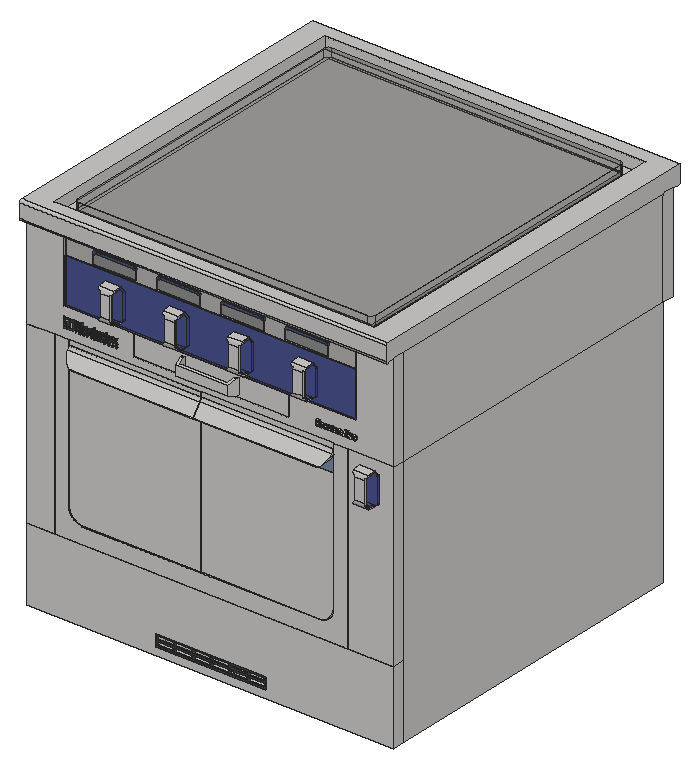
Revit family "QF_ELECTROLUXPROFESSIONAL_588471_MATHFAH4AO", category Attrezzature speciali, Revit 2020 (continued)
Definition of nested family "Front_Panel_W800_Four Knobs"
  Definition of nested family "ELX_Professional_Logo_Small"
    Forms (mm)
      Extrusion 2, solid, material <- "Material_Logo"
        sketch origin (15.5, 0, 0) x (1, 0, 0) y (0, 1, 0)
          loop
            spline (15.638, 1.633) -> (15.586, 2.396) -> (15.435, 3.124) -> (15.192, 3.81) -> (14.863, 4.449) -> (14.455, 5.034) -> (13.975, 5.56) -> (13.43, 6.021) -> (12.826, 6.411) -> (12.17, 6.724) -> (11.469, 6.955) -> (10.729, 7.098) -> (9.958, 7.147)
            spline (9.958, 7.147) -> (9.182, 7.098) -> (8.44, 6.955) -> (7.737, 6.724) -> (7.081, 6.411) -> (6.477, 6.021) -> (5.933, 5.56) -> (5.454, 5.034) -> (5.048, 4.449) -> (4.721, 3.81) -> (4.479, 3.124) -> (4.329, 2.396) -> (4.277, 1.633)
            spline (4.277, 1.633) -> (4.329, 0.869) -> (4.479, 0.141) -> (4.721, -0.544) -> (5.048, -1.183) -> (5.454, -1.768) -> (5.933, -2.294) -> (6.477, -2.755) -> (7.081, -3.145) -> (7.737, -3.459) -> (8.44, -3.69) -> (9.182, -3.833) -> (9.958, -3.882)
            spline (9.958, -3.882) -> (10.729, -3.833) -> (11.469, -3.69) -> (12.17, -3.459) -> (12.826, -3.145) -> (13.43, -2.755) -> (13.975, -2.294) -> (14.455, -1.768) -> (14.863, -1.183) -> (15.192, -0.544) -> (15.435, 0.141) -> (15.586, 0.869) -> (15.638, 1.633)
          loop
            spline (13.18, 1.633) -> (13.151, 2.083) -> (13.067, 2.513) -> (12.932, 2.918) -> (12.748, 3.296) -> (12.52, 3.642) -> (12.251, 3.954) -> (11.943, 4.227) -> (11.601, 4.459) -> (11.228, 4.645) -> (10.828, 4.782) -> (10.403, 4.867) -> (9.958, 4.896)
            spline (9.958, 4.896) -> (9.509, 4.867) -> (9.081, 4.782) -> (8.679, 4.645) -> (8.306, 4.459) -> (7.964, 4.227) -> (7.658, 3.954) -> (7.39, 3.642) -> (7.163, 3.296) -> (6.981, 2.918) -> (6.847, 2.513) -> (6.765, 2.083) -> (6.736, 1.633)
            spline (6.736, 1.633) -> (6.765, 1.182) -> (6.847, 0.753) -> (6.981, 0.347) -> (7.163, -0.031) -> (7.39, -0.377) -> (7.658, -0.689) -> (7.964, -0.962) -> (8.306, -1.193) -> (8.679, -1.38) -> (9.081, -1.517) -> (9.509, -1.602) -> (9.958, -1.631)
            spline (9.958, -1.631) -> (10.403, -1.602) -> (10.828, -1.517) -> (11.228, -1.38) -> (11.601, -1.193) -> (11.943, -0.962) -> (12.251, -0.689) -> (12.52, -0.377) -> (12.748, -0.031) -> (12.932, 0.347) -> (13.067, 0.753) -> (13.151, 1.182) -> (13.18, 1.633)
          loop
            line (17.162, 4.269) -> (17.162, -3.573) -> (19.642, -3.573) -> (19.642, 10.824) -> (17.162, 10.824) -> (17.162, 4.269)
          loop
            line (28.581, 6.838) -> (28.581, 0.786)
            spline (28.581, 0.786) -> (28.561, 0.393) -> (28.503, 0.038) -> (28.409, -0.279) -> (28.281, -0.559) -> (28.122, -0.802) -> (27.933, -1.011) -> (27.717, -1.185) -> (27.476, -1.325) -> (27.213, -1.433) -> (26.929, -1.509) -> (26.626, -1.554) -> (26.308, -1.569)
            spline (26.308, -1.569) -> (25.99, -1.554) -> (25.688, -1.509) -> (25.404, -1.434) -> (25.141, -1.326) -> (24.9, -1.187) -> (24.684, -1.014) -> (24.496, -0.807) -> (24.336, -0.565) -> (24.209, -0.288) -> (24.115, 0.026) -> (24.057, 0.376) -> (24.037, 0.765)
            line (24.037, 0.765) -> (24.037, 6.838) -> (21.537, 6.838) -> (21.537, 0.558)
            spline (21.537, 0.558) -> (21.581, -0.153) -> (21.71, -0.8) -> (21.916, -1.384) -> (22.195, -1.904) -> (22.54, -2.362) -> (22.944, -2.757) -> (23.403, -3.09) -> (23.909, -3.362) -> (24.456, -3.572) -> (25.04, -3.722) -> (25.652, -3.811) -> (26.288, -3.841)
            spline (26.288, -3.841) -> (26.929, -3.811) -> (27.547, -3.72) -> (28.135, -3.568) -> (28.687, -3.355) -> (29.197, -3.079) -> (29.66, -2.741) -> (30.068, -2.341) -> (30.415, -1.877) -> (30.696, -1.349) -> (30.905, -0.757) -> (31.034, -0.101) -> (31.079, 0.621)
            line (31.079, 0.621) -> (31.079, 6.838) -> (28.581, 6.838)
          loop
            line (40.457, -0.243) -> (38.894, 1.942) -> (40.83, 4.579) -> (42.488, 6.837) -> (39.782, 6.837) -> (37.53, 3.719) -> (35.258, 6.837) -> (32.573, 6.837) -> (34.113, 4.731) -> (36.167, 1.922) -> (34.014, -1.076) -> (32.222, -3.573) -> (34.887, -3.573) -> (37.53, 0.104) -> (40.174, -3.573) -> (42.839, -3.573) -> (40.457, -0.243)
          loop
            line (-46.121, -5.837) -> (-48.039, -5.837) -> (-48.039, -10.814) -> (-47.016, -10.814) -> (-47.016, -9.128) -> (-46.121, -9.128)
            arc (-46.121, -9.128) -> (-44.476, -7.482) -> (-46.121, -5.837) r 1.645
          loop
            line (-46.163, -6.778) -> (-47.016, -6.778) -> (-47.016, -8.187) -> (-46.163, -8.187)
            arc (-46.163, -8.187) -> (-45.458, -7.482) -> (-46.163, -6.778) r 0.704
          loop
            line (-38.313, -5.837) -> (-40.265, -5.837) -> (-40.265, -10.814) -> (-39.241, -10.814) -> (-39.241, -9.1) -> (-38.46, -9.182) -> (-37.48, -10.814) -> (-36.318, -10.814) -> (-37.513, -8.848)
            arc (-37.513, -8.848) -> (-36.888, -8.266) -> (-36.671, -7.441) r 1.536
            arc (-36.671, -7.441) -> (-37.165, -6.305) -> (-38.313, -5.837) r 1.643
          loop
            arc (-38.402, -8.166) -> (-37.707, -7.505) -> (-38.334, -6.778) r 0.696
            line (-38.334, -6.778) -> (-39.241, -6.778) -> (-39.241, -8.166) -> (-38.402, -8.166)
          loop
            circle (-29.965, -8.325) r 2.585
          loop
            circle (-29.965, -8.325) r 1.64
          loop
            line (-23.1, -5.837) -> (-23.1, -10.814) -> (-22.076, -10.814) -> (-22.076, -8.768) -> (-20.204, -8.768) -> (-20.204, -7.828) -> (-22.076, -7.828) -> (-22.076, -6.778) -> (-20.024, -6.778) -> (-20.024, -5.837) -> (-23.1, -5.837)
          loop
            line (-15.802, -5.837) -> (-15.802, -9.2)
            arc (-15.802, -9.2) -> (-15.343, -10.34) -> (-14.209, -10.814) r 1.593
            line (-14.209, -10.814) -> (-12.602, -10.814) -> (-12.602, -10.027) -> (-14.004, -10.027)
            arc (-14.004, -10.027) -> (-14.552, -9.8) -> (-14.779, -9.252) r 0.775
            line (-14.779, -9.252) -> (-14.779, -8.424) -> (-12.789, -8.424) -> (-12.789, -7.642) -> (-14.779, -7.642) -> (-14.779, -6.778) -> (-12.651, -6.778) -> (-12.651, -5.837) -> (-15.802, -5.837)
          loop
            line (-5.909, -7.143) -> (-5.173, -6.638)
            arc (-5.173, -6.638) -> (-5.855, -5.974) -> (-6.781, -5.755) r 1.782
            arc (-6.781, -5.755) -> (-7.397, -5.878) -> (-7.944, -6.189) r 1.974
            arc (-7.944, -6.189) -> (-8.202, -6.5) -> (-8.317, -6.888) r 1.013
            arc (-8.317, -6.888) -> (-8.306, -7.341) -> (-8.192, -7.78) r 1.985
            arc (-8.192, -7.78) -> (-7.749, -8.259) -> (-7.171, -8.563) r 1.928
            arc (-7.171, -8.563) -> (-6.637, -8.779) -> (-6.131, -9.056) r 5.041
            arc (-6.131, -9.056) -> (-5.934, -9.387) -> (-6.09, -9.74) r 0.42
            arc (-6.09, -9.74) -> (-6.631, -9.96) -> (-7.204, -9.845) r 1.016
            arc (-7.204, -9.845) -> (-7.625, -9.603) -> (-7.889, -9.196) r 1.033
            line (-7.889, -9.196) -> (-8.67, -9.686)
            arc (-8.67, -9.686) -> (-8.361, -10.198) -> (-7.908, -10.589) r 1.914
            arc (-7.908, -10.589) -> (-7.334, -10.834) -> (-6.714, -10.896) r 2.063
            arc (-6.714, -10.896) -> (-5.947, -10.743) -> (-5.256, -10.376) r 2.696
            arc (-5.256, -10.376) -> (-4.95, -9.565) -> (-5.108, -8.712) r 1.618
            arc (-5.108, -8.712) -> (-5.448, -8.319) -> (-5.884, -8.035) r 1.876
            arc (-5.884, -8.035) -> (-6.434, -7.789) -> (-6.999, -7.577) r 9.883
            arc (-6.999, -7.577) -> (-7.325, -7.07) -> (-6.854, -6.694) r 0.45
            arc (-6.854, -6.694) -> (-6.329, -6.809) -> (-5.909, -7.143) r 1.197
          loop
            line (1.61, -7.143) -> (2.345, -6.638)
            arc (2.345, -6.638) -> (1.663, -5.974) -> (0.737, -5.755) r 1.782
            arc (0.737, -5.755) -> (0.121, -5.878) -> (-0.425, -6.189) r 1.974
            arc (-0.425, -6.189) -> (-0.683, -6.5) -> (-0.799, -6.888) r 1.013
            arc (-0.799, -6.888) -> (-0.788, -7.341) -> (-0.674, -7.78) r 1.985
            arc (-0.674, -7.78) -> (-0.231, -8.259) -> (0.347, -8.563) r 1.928
            arc (0.347, -8.563) -> (0.881, -8.779) -> (1.387, -9.056) r 5.041
            arc (1.387, -9.056) -> (1.584, -9.387) -> (1.428, -9.74) r 0.42
            arc (1.428, -9.74) -> (0.887, -9.96) -> (0.314, -9.845) r 1.016
            arc (0.314, -9.845) -> (-0.107, -9.603) -> (-0.371, -9.196) r 1.033
            line (-0.371, -9.196) -> (-1.152, -9.686)
            arc (-1.152, -9.686) -> (-0.842, -10.198) -> (-0.39, -10.589) r 1.914
            arc (-0.39, -10.589) -> (0.184, -10.834) -> (0.804, -10.896) r 2.063
            arc (0.804, -10.896) -> (1.572, -10.743) -> (2.263, -10.376) r 2.696
            arc (2.263, -10.376) -> (2.568, -9.565) -> (2.411, -8.712) r 1.618
            arc (2.411, -8.712) -> (2.07, -8.319) -> (1.635, -8.035) r 1.876
            arc (1.635, -8.035) -> (1.084, -7.789) -> (0.519, -7.577) r 9.883
            arc (0.519, -7.577) -> (0.193, -7.07) -> (0.665, -6.694) r 0.45
            arc (0.665, -6.694) -> (1.189, -6.809) -> (1.61, -7.143) r 1.197
          loop
            line (6.801, -5.837) -> (6.801, -10.814) -> (7.825, -10.814) -> (7.825, -5.837) -> (6.801, -5.837)
          loop
            circle (14.724, -8.325) r 1.548
          loop
            circle (14.724, -8.325) r 2.585
          loop
            line (21.59, -10.814) -> (22.623, -10.814) -> (22.623, -7.685) -> (24.9, -10.814) -> (25.895, -10.814) -> (25.895, -5.837) -> (24.861, -5.837) -> (24.861, -9.061) -> (22.585, -5.837) -> (21.59, -5.837) -> (21.59, -10.814)
          loop
            line (31.054, -10.814) -> (31.539, -9.74) -> (33.38, -9.74) -> (33.865, -10.814) -> (34.965, -10.814) -> (32.46, -5.837) -> (29.956, -10.814) -> (31.054, -10.814)
          loop
            line (32.46, -7.698) -> (31.999, -8.719) -> (32.921, -8.719) -> (32.46, -7.698)
          loop
            line (40.047, -9.873) -> (40.047, -5.837) -> (39.024, -5.837) -> (39.024, -10.814) -> (41.961, -10.814) -> (41.961, -9.873) -> (40.047, -9.873)
          loop
            line (-74.986, -10.814) -> (-53.322, -10.814) -> (-53.322, 10.82) -> (-74.986, 10.82) -> (-74.986, -10.814)
          loop
            line (-61.261, 9.758) -> (-61.261, -9.707)
            arc (-61.261, -9.707) -> (-54.066, 0.025) -> (-61.261, 9.758) r 10.18
          loop
            line (-62.251, 8.349) -> (-62.251, 9.758)
            arc (-62.251, 9.758) -> (-70.347, 7.918) -> (-74.247, 0.59) r 9.976
            line (-74.247, 0.59) -> (-71.026, 0.59)
            arc (-71.026, 0.59) -> (-65.274, 2.925) -> (-62.251, 8.349) r 9.351
          loop
            arc (-74.247, -0.539) -> (-70.353, -7.928) -> (-62.251, -9.957) r 10.237
            line (-62.251, -9.957) -> (-62.251, -8.298)
            arc (-62.251, -8.298) -> (-65.274, -2.874) -> (-71.026, -0.539) r 9.351
            line (-71.026, -0.539) -> (-74.247, -0.539)
        from 0 to 1.644
    Dimensions and locks
      aligned and locked: plane 2 to Extrusion 1
      aligned and locked: level to Extrusion 1
Definition of nested family "H450H2_2DOOR"
  Parameters
    Width [instance] = 580 mm
    Wdoor [instance] = Width / 2  # 290 mm
    Show Clearance [instance] = yes
    Model = "727995"
    Height = 450 mm
    Default Elevation = 0 mm
  Reference planes
    plane 1 "Center (Front/Back)": y = 0
    plane 2: z = 0
    plane 3 "Center (Left/Right)": x = 36.042
    plane 4 "panel": z = 25
    plane 5: x = -253.958
    plane 6: x = 326.042
    plane 7: y = 450
    plane 8: z = 290
    plane 9: z = 45
  Forms (mm)
    Extrusion 1, solid
      sketch origin (0, -919.2, 0) x (1, 0, 0) y (0, 1, 0)
        loop
          line (-980.5, 2119.2) -> (-980.5, -162.846) -> (881.94, -162.846) -> (881.94, 2119.2) -> (-980.5, 2119.2)
      from 0 to -59.546
    Extrusion 2, solid
      sketch origin (0, 0, 0) x (1, 0, 0) y (0, 1, 0)
        loop
          line (324.042, 393) -> (37.042, 393) -> (37.042, 97) -> (294.042, 97)
          arc (294.042, 97) -> (315.255, 105.787) -> (324.042, 127) r 30
          line (324.042, 127) -> (324.042, 393)
        loop
          arc (-251.958, 127) -> (-243.171, 105.787) -> (-221.958, 97) r 30
          line (-221.958, 97) -> (35.042, 97) -> (35.042, 393) -> (-251.958, 393) -> (-251.958, 127)
      from 0 to 25
    Extrusion 3, solid
      sketch origin (0, 0, 0) x (1, 0, 0) y (0, 1, 0)
        loop
          line (-251.958, 393) -> (35.042, 393) -> (35.042, 440) -> (-251.958, 440) -> (-251.958, 393)
        loop
          line (37.042, 440) -> (37.042, 393) -> (324.042, 393) -> (324.042, 440) -> (37.042, 440)
      from 0 to 25
    Extrusion 4, solid
      sketch origin (5.581, 79.805, 0) x (1, 0, 0) y (0, 1, 0)
        loop
          line (-257.539, 360.195) -> (29.461, 360.195) -> (29.461, 370.195) -> (-257.539, 370.195) -> (-257.539, 360.195)
        loop
          line (31.461, 370.195) -> (31.461, 360.195) -> (318.461, 360.195) -> (318.461, 370.195) -> (31.461, 370.195)
      from 0 to 25
    Extrusion 5, solid
      sketch origin (36.042, 0, 0) x (0, 1, 0) y (0, 0, 1)
        loop
          line (426.693, 25) -> (440.02, 25)
          arc (440.02, 25) -> (435.261, 25.775) -> (430.993, 28.02) r 15
          line (430.993, 28.02) -> (406.653, 46.362) -> (403.644, 42.369) -> (426.693, 25)
      from 1 to 288
    Extrusion 6, solid
      sketch origin (36.042, 0, 0) x (0, 1, 0) y (0, 0, 1)
        loop
          line (426.693, 25) -> (440.02, 25)
          arc (440.02, 25) -> (435.261, 25.775) -> (430.993, 28.02) r 15
          line (430.993, 28.02) -> (406.653, 46.362) -> (403.644, 42.369) -> (426.693, 25)
      from -288 to -1
    Extrusion 7, void
      sketch origin (0, 0, 0) x (1, 0, 0) y (0, 1, 0)
        loop
          arc (324.042, 426.693) -> (314.508, 412.772) -> (300.317, 403.644) r 42.603
          line (300.317, 403.644) -> (324.042, 403.644) -> (324.042, 426.693)
      from 0 to 47.9
    Extrusion 8, void
      sketch origin (72.084, 0, 0) x (-1, 0, 0) y (0, -1, 0)
        loop
          line (324.042, -426.693) -> (324.042, -403.644) -> (300.317, -403.644)
          arc (300.317, -403.644) -> (314.508, -412.772) -> (324.042, -426.693) r 42.603
      from 0 to 47.9
    Extrusion 9, solid, detail levels coarse
      sketch origin (0, 0, 0) x (1, 0, 0) y (0, 0, 1)
        loop
          arc (36.042, 25) -> (-41.575, 212.383) -> (-228.958, 290) r 265
          line (-228.958, 290) -> (-228.958, 25) -> (36.042, 25)
      from -450 to -97
    Extrusion 10, solid, detail levels coarse
      sketch origin (0, 0, 0) x (1, 0, 0) y (0, 0, 1)
        loop
          arc (301.042, 290) -> (113.659, 212.383) -> (36.042, 25) r 265
          line (36.042, 25) -> (301.042, 25) -> (301.042, 290)
      from -450 to -97
  Cuts and joins
    Extrusion 8 cuts Extrusion 6
    Extrusion 7 cuts Extrusion 5
  Lines and regions (mm)
    symbolic lines
      curve 1: line (326.042, 0, 45) -> (326.042, 0, 290)
      curve 2: line (301.042, 0, 45) -> (301.042, 0, 290)
      curve 3: line (326.042, 0, 290) -> (301.042, 0, 290)
      curve 4: line (-253.958, 0, 45) -> (-253.958, 0, 290)
      curve 5: line (-228.958, 0, 45) -> (-228.958, 0, 290)
      curve 6: line (-253.958, 0, 290) -> (-228.958, 0, 290)
      curve 7: arc (301.042, 0, 290) -> (120.901, 0, 219.356) -> (36.804, 0, 45.088) r 265
      curve 8: arc (35.286, 0, 44.997) -> (-48.783, 0, 219.325) -> (-228.958, 0, 290) r 265
  Dimensions and locks
    plane 4 "panel" to level = 25 mm
    "Width": plane 5 to plane 6
    equal spacing: plane 5, plane 3 "Center (Left/Right)", plane 6
    "Height": plane 1 "Center (Front/Back)" to plane 7
    locked: plane 5 to Extrusion 2 sketch curve at 2
    locked: Extrusion 2 sketch curve to plane 6 at 2
    locked: plane 1 "Center (Front/Back)" to Extrusion 2 sketch curve at 97
    locked: plane 7 to Extrusion 2 sketch curve at 57
    locked: Extrusion 2 sketch curve to plane 3 "Center (Left/Right)" at 1
    locked: plane 3 "Center (Left/Right)" to Extrusion 2 sketch curve at 1
    Extrusion 3 sketch curve to Extrusion 2 = 47 mm
    "Wdoor": plane 8 to level
    locked: curve 2 to curve 1 at 25
    locked: curve 5 to curve 4 at 25
    plane 4 "panel" to plane 9 = 20 mm
    aligned and locked: plane 2 to Extrusion 1
    aligned and locked: level to Extrusion 1
    aligned and locked: plane 4 "panel" to Extrusion 2
    aligned and locked: Extrusion 2 to Extrusion 3 sketch curve
    aligned and locked: Extrusion 3 sketch curve to Extrusion 2  (x2)
    aligned and locked: Extrusion 3 sketch curve to Extrusion 3 sketch curve
    aligned and locked: plane 4 "panel" to Extrusion 3
    aligned and locked: Extrusion 4 sketch curve to Extrusion 4 sketch curve
    aligned and locked: Extrusion 4 sketch curve to Extrusion 3  (x3)
    aligned and locked: Extrusion 3 to Extrusion 4 sketch curve
    aligned and locked: Extrusion 4 sketch curve to plane 7
    aligned and locked: Extrusion 3 to Extrusion 5
    aligned and locked: Extrusion 5 to Extrusion 3
    aligned and locked: Extrusion 6 to Extrusion 3
    aligned and locked: Extrusion 3 to Extrusion 6
    aligned and locked: Extrusion 7 sketch curve to Extrusion 5
    aligned and locked: Extrusion 8 to Extrusion 6
    aligned and locked: Extrusion 4 to Extrusion 8
    aligned and locked: Extrusion 2 to Extrusion 7
    aligned and locked: Extrusion 7 to Extrusion 5
    aligned and locked: Extrusion 4 to Extrusion 3  (x2)
    aligned and locked: Extrusion 3 to Extrusion 2
    aligned and locked: Extrusion 4 to Extrusion 2
    aligned and locked: curve 3 to plane 8
    aligned and locked: curve 1 to plane 6
    aligned and locked: curve 4 to plane 5
    aligned and locked: Extrusion 9 sketch curve to plane 4 "panel"
    aligned and locked: Extrusion 10 sketch curve to curve 7
    aligned and locked: Extrusion 10 sketch curve to curve 2
    aligned and locked: Extrusion 2 to Extrusion 9
    aligned and locked: Extrusion 2 to Extrusion 10
    aligned and locked: plane 7 to Extrusion 9
    aligned and locked: Extrusion 3 to Extrusion 4
  Automatic sketch dimensions
    Extrusion 1 sketch curve to Extrusion 1 sketch curve = 1862.44 mm
    Extrusion 1 sketch curve to Extrusion 1 sketch curve = 2282.046 mm
    Extrusion 2 sketch curve to Extrusion 2 sketch curve = 30 mm  (x2)
    Extrusion 2 sketch curve to plane 1 "Center (Front/Back)" = 97 mm
    Extrusion 2 sketch curve to Extrusion 2 sketch curve = 0 mm
    Extrusion 3 sketch curve to plane 3 "Center (Left/Right)" = 1 mm
    plane 5 to Extrusion 3 sketch curve = 2 mm
    Extrusion 3 sketch curve to Extrusion 3 sketch curve = 0 mm
    Extrusion 5 sketch curve to plane 4 "panel" = 0 mm
    plane 4 "panel" to Extrusion 5 sketch curve = 17.369 mm
    Extrusion 5 sketch curve to plane 7 = 46.356 mm
    plane 4 "panel" to Extrusion 5 sketch curve = 21.362 mm
    Extrusion 5 sketch curve to Extrusion 5 sketch curve = 3.009 mm
    plane 4 "panel" to Extrusion 5 sketch curve = 3.02 mm
    Extrusion 5 sketch curve to Extrusion 5 sketch curve = 9.027 mm
    Extrusion 6 sketch curve to plane 4 "panel" = 0 mm
    plane 4 "panel" to Extrusion 6 sketch curve = 17.369 mm
    Extrusion 6 sketch curve to plane 7 = 46.356 mm
    plane 4 "panel" to Extrusion 6 sketch curve = 21.362 mm
    Extrusion 6 sketch curve to Extrusion 6 sketch curve = 3.009 mm
    plane 4 "panel" to Extrusion 6 sketch curve = 3.02 mm
    Extrusion 6 sketch curve to Extrusion 6 sketch curve = 9.027 mm
    Extrusion 7 sketch curve to Extrusion 7 sketch curve = 23.725 mm
    Extrusion 7 sketch curve to plane 7 = 6.671 mm
    Extrusion 7 sketch curve to plane 6 = 41.221 mm
    Extrusion 7 sketch curve to plane 7 = 23.307 mm
    plane 7 to Extrusion 8 sketch curve = 6.671 mm
    Extrusion 8 sketch curve to plane 5 = 41.221 mm
    Extrusion 8 sketch curve to plane 5 = 25.725 mm
    Extrusion 8 sketch curve to plane 5 = 2 mm
    plane 7 to Extrusion 8 sketch curve = 23.307 mm
    Extrusion 4 sketch curve to Extrusion 4 sketch curve = 10 mm
    Extrusion 4 sketch curve to plane 7 = 10 mm
    curve 2 to plane 9 = 0 mm
    curve 5 to plane 9 = 0 mm
    curve 4 to plane 9 = 0 mm
    curve 1 to plane 9 = 0 mm
    curve 8 to plane 4 "panel" = 0 mm
    curve 5 to plane 8 = 0 mm
    curve 8 to plane 9 = 0.003 mm
    curve 7 to plane 4 "panel" = 0 mm
    plane 9 to curve 7 = 0.088 mm
Definition of nested family "Warm"
  Reference planes
    plane 1 "Center (Front/Back)": y = 0
    plane 2: z = 0
    plane 3 "Center (Left/Right)": x = 0
  Lines and regions (mm)
    detail lines, in view "Ref. Level"
      curve 1: circle (-165.742, 180.331, 0) r 45 normal (0, 0, 1)
      curve 2: line (-165.742, 125.331, 0) -> (-165.742, 80.331, 0)
      curve 3: line (-165.742, 235.331, 0) -> (-165.742, 280.331, 0)
      curve 4: line (-105.742, 180.331, 0) -> (-65.742, 180.331, 0)
      curve 5: line (-220.742, 180.331, 0) -> (-265.742, 180.331, 0)
      curve 6: line (-126.851, 141.44, 0) -> (-95.031, 109.62, 0)
      curve 7: line (-204.632, 219.221, 0) -> (-236.452, 251.041, 0)
      curve 8: line (-126.851, 219.221, 0) -> (-95.031, 251.041, 0)
      curve 9: line (-204.632, 141.44, 0) -> (-236.452, 109.62, 0)
